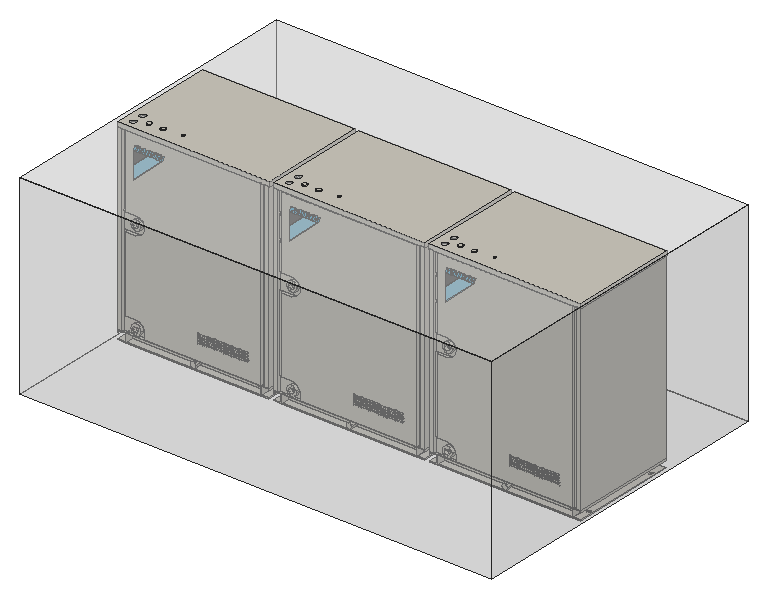
Revit family "outputfile", category 機械設備, Revit 2024
Family settings
  丸型コネクタ寸法 = 半径を使用
  種別 = なし
  パーツ タイプ = 標準
  OmniClass 番号 = 23.75.10.24.21.27.27
  OmniClass タイトル = Split System Air Conditioning Units
  作業面ベース = いいえ
  常に垂直 = はい
  ロード時にボイドで切り取り = いいえ
  注釈の向きを維持 = いいえ
  共有 = いいえ
  部屋計算ポイント = いいえ
Parameters (values of type "RWEYQ34TY14")
  製造元 = "Daikin"
  書き出し IFC クラス(タイプ) = "IfcUnitaryEquipmentType"
  定義済み IFC タイプ(タイプ) = "AIRCONDITIONINGUNIT"
  モデル = "RWEYQ34TY14"
  w_unit3 = 780.0 mm
  w_unit2 = 780.0 mm
  w_unit1 = 780.0 mm
  switch_unit3_6-8 [instance] = if(Reverse_ModuleSequence, if(default_unit1 = 1, 1 = 1, 1 = 0), if(default_unit3 = 1, 1 = 1, 1 = 0))  # no
  switch_unit3_12 [instance] = if(Reverse_ModuleSequence, if(default_unit1 = 3, 1 = 1, 1 = 0), if(default_unit3 = 3, 1 = 1, 1 = 0))  # no
  switch_unit3_10 [instance] = if(Reverse_ModuleSequence, if(default_unit1 = 2, 1 = 1, 1 = 0), if(default_unit3 = 2, 1 = 1, 1 = 0))  # yes
  switch_unit2_6-8 [instance] = if(default_unit2 = 1, 1 = 1, 1 = 0)  # no
  switch_unit2_12 [instance] = if(default_unit2 = 3, 1 = 1, 1 = 0)  # yes
  switch_unit2_10 [instance] = if(default_unit2 = 2, 1 = 1, 1 = 0)  # no
  switch_unit1_6-8 [instance] = if(Reverse_ModuleSequence, if(default_unit3 = 1, 1 = 1, 1 = 0), if(default_unit1 = 1, 1 = 1, 1 = 0))  # no
  switch_unit1_12 [instance] = if(Reverse_ModuleSequence, if(default_unit3 = 3, 1 = 1, 1 = 0), if(default_unit1 = 3, 1 = 1, 1 = 0))  # yes
  switch_unit1_10 [instance] = if(Reverse_ModuleSequence, if(default_unit3 = 2, 1 = 1, 1 = 0), if(default_unit1 = 2, 1 = 1, 1 = 0))  # no
  r_Water Outlet Pipe Connection_unit3 [instance] = Water Outlet Pipe Connection_Unit3 / 2  # 15.9 mm
  r_Water Outlet Pipe Connection_unit2 [instance] = Water Outlet Pipe Connection_Unit2 / 2  # 15.9 mm
  r_Water Outlet Pipe Connection_unit1 [instance] = Water Outlet Pipe Connection_Unit1 / 2  # 15.9 mm
  r_Water Inlet Pipe Connection_unit3 [instance] = Water Inlet Pipe Connection_Unit3 / 2  # 15.9 mm
  r_Water Inlet Pipe Connection_unit2 [instance] = Water Inlet Pipe Connection_Unit2 / 2  # 15.9 mm
  r_Water Inlet Pipe Connection_unit1 [instance] = Water Inlet Pipe Connection_Unit1 / 2  # 15.9 mm
  r_Drain Pipe Size = Drain Pipe Size / 2  # 6.35 mm
  lw_Water Outlet3 = 95.0 mm
  lw_Water Outlet2 = 95.0 mm
  lw_Water Outlet1 = 95.0 mm
  lw_Water Inlet3 = 95.0 mm
  lw_Water Inlet2 = 95.0 mm
  lw_Water Inlet1 = 95.0 mm
  lw_Drain3 = 390.0 mm
  lw_Drain2 = 390.0 mm
  lw_Drain1 = 390.0 mm
  default_Water Outlet Pipe Connection_Unit 3 = 31.8 mm
  default_Water Outlet Pipe Connection_Unit 2 = 31.8 mm
  default_Water Outlet Pipe Connection_Unit 1 = 31.8 mm
  default_Water Inlet Pipe Connection_Unit 3 = 31.8 mm
  default_Water Inlet Pipe Connection_Unit 2 = 31.8 mm
  default_Water Inlet Pipe Connection_Unit 1 = 31.8 mm
  angle_Drain [instance] = if(Rear Connection_Drain, 180.00°, 0.00°)  # 0.00°
  r_Liquid Pipe Size_unit3 [instance] = Liquid Pipe Size_Unit 3 / 2  # 4.75 mm
  r_Liquid Pipe Size_unit2 [instance] = Liquid Pipe Size_Unit 2 / 2  # 6.35 mm
  r_HP/LP Gas Pipe Size_unit3 [instance] = [HP/LP Gas Pipe Size_Unit 3] / 2  # 11.1 mm
  r_HP/LP Gas Pipe Size_unit2 [instance] = [HP/LP Gas Pipe Size_Unit 2] / 2  # 11.1 mm
  r_HP/LP Gas Pipe Size_unit1 [instance] = [HP/LP Gas Pipe Size_Unit 1] / 2  # 11.1 mm
  r_Gas Pipe Size_unit3 [instance] = Gas Pipe Size_Unit 3 / 2  # 11.1 mm
  r_Gas Pipe Size_unit2 [instance] = Gas Pipe Size_Unit 2 / 2  # 11.1 mm
  lw_powersupply3 = 51.0 mm
  lw_powersupply2 = 51.0 mm
  lw_liquidpipe3 = 274.0 mm
  lw_liquidpipe2 = 274.0 mm
  lw_gaspipe3 [instance] = if(Heat Pump, 107.0 mm, 178.0 mm)  # 107.0 mm
  lw_gaspipe2 [instance] = if(Heat Pump, 107.0 mm, 178.0 mm)  # 107.0 mm
  lw_HP/LP Gas Pipe3 [instance] = if(Heat Pump, 178.0 mm, 107.0 mm)  # 178.0 mm
  lw_HP/LP Gas Pipe2 [instance] = if(Heat Pump, 178.0 mm, 107.0 mm)  # 178.0 mm
  lw_HP/LP Gas Pipe1 [instance] = if(Heat Pump, 178.0 mm, 107.0 mm)  # 178.0 mm
  ld_HP/LP Gas Pipe = 69.0 mm
  h_mountinghole = [h_***] + 2.3 mm  # 2.3 mm
  r_Liquid Pipe Size_unit1 [instance] = Liquid Pipe Size_Unit 1 / 2  # 6.35 mm
  r_Gas Pipe Size_unit1 [instance] = Gas Pipe Size_Unit 1 / 2  # 11.1 mm
  distance_unit2-3 [instance] = 20.0 mm
  distance_unit1-2 [instance] = 20.0 mm
  default_unit3 = 2
  default_unit2 = 3
  default_unit1 = 3
  default_Model_Unit 3 = "RWEYQ10TY14"
  default_Model_Unit 2 = "RWEYQ12TY14"
  default_Model_Unit 1 = "RWEYQ12TY14"
  default_Liquid Pipe Size_Unit 3 = 9.5 mm
  default_Liquid Pipe Size_Unit 2 = 12.7 mm
  default_Liquid Pipe Size_Unit 1 = 12.7 mm
  default_HP/LP Gas Pipe Size_Unit 3 [instance] = if(and(Heat Pump, [switch_unit3_6-8]), 19.1 mm, if(and(Heat Pump, switch_unit3_10), 22.2 mm, if(and(Heat Pump, switch_unit3_12), 22.2 mm, if(and(Heat Recovery, [switch_unit3_6-8]), 15.9 mm, if(and(Heat Recovery, switch_unit3_10), 19.1 mm, if(and(Heat Recovery, switch_unit3_12), 19.1 mm, 19.1 mm))))))  # 22.2 mm
  default_HP/LP Gas Pipe Size_Unit 2 [instance] = if(and(Heat Pump, [switch_unit2_6-8]), 19.1 mm, if(and(Heat Pump, switch_unit2_10), 22.2 mm, if(and(Heat Pump, switch_unit2_12), 22.2 mm, if(and(Heat Recovery, [switch_unit2_6-8]), 15.9 mm, if(and(Heat Recovery, switch_unit2_10), 19.1 mm, if(and(Heat Recovery, switch_unit2_12), 19.1 mm, 19.1 mm))))))  # 22.2 mm
  default_HP/LP Gas Pipe Size_Unit 1 [instance] = if(and(Heat Pump, [switch_unit1_6-8]), 19.1 mm, if(and(Heat Pump, switch_unit1_10), 22.2 mm, if(and(Heat Pump, switch_unit1_12), 22.2 mm, if(and(Heat Recovery, [switch_unit1_6-8]), 15.9 mm, if(and(Heat Recovery, switch_unit1_10), 19.1 mm, if(and(Heat Recovery, switch_unit1_12), 19.1 mm, 19.1 mm))))))  # 22.2 mm
  default_Gas Pipe Size_Unit 3 = 22.2 mm
  default_Gas Pipe Size_Unit 2 = 22.2 mm
  default_Gas Pipe Size_Unit 1 = 22.2 mm
  Water Outlet Pipe Connection_Unit3 [instance] = if(Reverse_ModuleSequence, default_Water Outlet Pipe Connection_Unit 1, default_Water Outlet Pipe Connection_Unit 3)  # 31.8 mm
  Water Outlet Pipe Connection_Unit2 [instance] = if(Reverse_ModuleSequence, default_Water Inlet Pipe Connection_Unit 2, default_Water Inlet Pipe Connection_Unit 2)  # 31.8 mm
  Water Outlet Pipe Connection_Unit1 [instance] = if(Reverse_ModuleSequence, default_Water Outlet Pipe Connection_Unit 3, default_Water Outlet Pipe Connection_Unit 1)  # 31.8 mm
  Water Inlet Pipe Connection_Unit3 [instance] = if(Reverse_ModuleSequence, default_Water Inlet Pipe Connection_Unit 1, default_Water Inlet Pipe Connection_Unit 3)  # 31.8 mm
  Water Inlet Pipe Connection_Unit2 [instance] = if(Reverse_ModuleSequence, default_Water Outlet Pipe Connection_Unit 2, default_Water Outlet Pipe Connection_Unit 2)  # 31.8 mm
  Water Inlet Pipe Connection_Unit1 [instance] = if(Reverse_ModuleSequence, default_Water Inlet Pipe Connection_Unit 3, default_Water Inlet Pipe Connection_Unit 1)  # 31.8 mm
  Voltage_comment_50Hz = "380-415"
  Voltage_50Hz = 400 V
  Top Connection_powersupply2 [instance] = not(Top Connection_powersupply1)  # no
  Sound Power Level (dB) = 77
  Reverse_ModuleSequence [instance] = no
  Rear Connection_Drain [instance] = not(Front Connection_Drain)  # no
  Power Input (Heating) = 21.300 kW
  Phase_50Hz = 3
  Nominal Heating Capacity = 107.000 kW
  Model_Unit 3 [instance] = if(Reverse_ModuleSequence, default_Model_Unit 1, default_Model_Unit 3)  # "RWEYQ10TY14"
  Model_Unit 2 [instance] = if(Reverse_ModuleSequence, default_Model_Unit 2, default_Model_Unit 2)  # "RWEYQ12TY14"
  Model_Unit 1 [instance] = if(Reverse_ModuleSequence, default_Model_Unit 3, default_Model_Unit 1)  # "RWEYQ12TY14"
  Minimum Circuit Amps_50Hz = 40.9 A
  Maximum Fuse Amps_50Hz = 45.0 A
  Material_Heat Exchanger = DAIKIN_Blue_HE_outdoorunit
  Material_Casing = DAIKIN_IvoryWhite_Casing_outdoorunit
  lw_powersupply1 = 51.0 mm
  lw_liquidpipe1 = 274.0 mm
  lw_gaspipe1 [instance] = if(Heat Pump, 107.0 mm, 178.0 mm)  # 107.0 mm
  lh_powersupply = 940.0 mm
  ld_powersupply [instance] = if(Top Connection_powersupply1, 38.0 mm, 98.0 mm)  # 38.0 mm
  ld_liquidpipe = 79.0 mm
  ld_gaspipe = 69.0 mm
  h_*** = 0.0 mm
  Width [instance] = [distance_unit1-2] + [distance_unit2-3] + w_unit1 + w_unit2 + w_unit3  # 2380.0 mm
  Version = "ver.1.0"
  Unit Type = ""
  Unit Mass Weight = 441.00 kg
  Unit Designation [instance] = ""
  Uniclass2015Version = "Products v1.30"
  Uniclass2015Title = "Variable refrigerant flow units"
  Uniclass2015Code = "Pr_70_65_03_94"
  Total Cooling Capacity [instance] = 0.000 kW
  Sound Pressure Level (dBA) = 57
  Series = "VRV Heat Recovery"
  Refrigerant_Base Charge = 12.600 kg
  Refrigerant_Additional Charge [instance] = 0.000 kg
  Refrigerant Type = "R410A"
  Power Input (Cooling) = 20.100 kW
  Option Accessory 3 [instance] = ""
  Option Accessory 2 [instance] = ""
  Option Accessory 1 [instance] = ""
  Nominal Cooling Capacity = 95.000 kW
  Load Classification = HVAC
  Liquid Pipe Size_Unit 3 [instance] = if(Reverse_ModuleSequence, default_Liquid Pipe Size_Unit 1, default_Liquid Pipe Size_Unit 3)  # 9.5 mm
  Liquid Pipe Size_Unit 2 [instance] = if(Reverse_ModuleSequence, default_Liquid Pipe Size_Unit 2, default_Liquid Pipe Size_Unit 2)  # 12.7 mm
  Liquid Pipe Size_Unit 1 [instance] = if(Reverse_ModuleSequence, default_Liquid Pipe Size_Unit 3, default_Liquid Pipe Size_Unit 1)  # 12.7 mm
  Link_Nested Family [instance] = ""
  Intermediate Liquid Pipe Size_Unit1-2 = 19.1 mm
  Intermediate HP/LP Gas Pipe Size_Unit1-2 = 22.2 mm
  Intermediate Gas Pipe Size_Unit1-2 = 28.6 mm
  IfcVersion = ""
  IfcExportType = "AIRCONDITIONINGUNIT"
  IfcExportAs = "IfcUnitaryEquipmentType"
  Height = 1000.0 mm
  Heat Recovery [instance] = not(Heat Pump)  # no
  Heat Pump [instance] = yes
  Heat Exchanger Type = "Stainless Steel Plate"
  HP/LP Gas Pipe Size_Unit 3 [instance] = [default_HP/LP Gas Pipe Size_Unit 3]  # 22.2 mm
  HP/LP Gas Pipe Size_Unit 2 [instance] = [default_HP/LP Gas Pipe Size_Unit 2]  # 22.2 mm
  HP/LP Gas Pipe Size_Unit 1 [instance] = [default_HP/LP Gas Pipe Size_Unit 1]  # 22.2 mm
  Gas Pipe Size_Unit 3 [instance] = if(Reverse_ModuleSequence, default_Gas Pipe Size_Unit 1, default_Gas Pipe Size_Unit 3)  # 22.2 mm
  Gas Pipe Size_Unit 2 [instance] = if(Reverse_ModuleSequence, default_Gas Pipe Size_Unit 2, default_Gas Pipe Size_Unit 2)  # 22.2 mm
  Gas Pipe Size_Unit 1 [instance] = if(Reverse_ModuleSequence, default_Gas Pipe Size_Unit 3, default_Gas Pipe Size_Unit 1)  # 22.2 mm
  Top Connection_powersupply1 [instance] = yes
  Front Connection_Drain [instance] = yes
  Frequency_50Hz = 50 Hz
  Drain Pipe Size = 12.7 mm
  Depth = 550.0 mm
  既定の高さ = 0.0 mm
  Cooling Ambient Wet Bulb Temperature [instance] = 0.00 °C
  Cooling Ambient Dry Bulb Temperature [instance] = 0.00 °C
  Compressor Type = "Hermetically Sealed Scroll Type"
  Clearance visibility [instance] = yes
  Clearance Top = 0.0 mm
  Clearance Right = 20.0 mm
  Clearance Rear = 500.0 mm
  Clearance Left = 20.0 mm
  Clearance Front = 600.0 mm
  Clearance Bottom = 0.0 mm
  CU Tag No. [instance] = ""
Reference planes
  plane 1 "Center (Front/Back)": y = 0
  plane 2 "h_***": z = 0
  plane 3 "Center (Left/Right)": x = 0
  plane 4 "Back": y = 275
  plane 5 "Front": y = -275
  plane 6 "Left": x = -390
  plane 7 "w_unit1": x = 390
  plane 8 "Top": z = 1000
  plane 9 "Clearance Rear": y = 775
  plane 10 "Clearance Front": y = -875
  plane 11 "Clearance Left": x = -410
  plane 12 "Clearance Right": x = 2010
  plane 13 "Clearance Top": z = 1000
  plane 14 "Clearance Bottom": z = 0
  plane 15 "Bottom": z = 0
  plane 16 "lw_powersupply1": x = -339
  plane 17 "ld_powersupply": y = -237
  plane 18 "lw_liquidpipe1": x = -116
  plane 19 "Rear Connection_refrigetant": y = -196
  plane 20 "lw_gaspipe1": x = -283
  plane 21 "ld_gaspipe": y = -206
  plane 22 "lh_logo": z = 900
  plane 23 "lw_logo": x = 100
  plane 24 "lh_powersupply": z = 940
  plane 25 "lw_HP/LP Gas Pipe1": x = -212
  plane 26 "ld_HP/LP Gas Pipe": y = -206
  plane 27 "l_unit2": x = 410
  plane 28 "w_unit2": x = 1190
  plane 29 "lw_powersupply2": x = 461
  plane 30 "lw_liquidpipe2": x = 684
  plane 31 "lw_gaspipe2": x = 517
  plane 32 "lw_HP/LP Gas Pipe2": x = 588
  plane 33 "Right": x = 1990
  plane 34 "叴": x = 1210
  plane 35 "叵": x = 1261
  plane 36 "叶": x = 1484
  plane 37 "号": x = 1317
  plane 38 "司": x = 1388
  plane 39 "lw_Water Inlet2": x = 505
  plane 40 "lw_Water Inlet3": x = 1305
  plane 41 "lw_Water Outlet1": x = -295
  plane 42 "lw_Water Outlet2": x = 505
  plane 43 "lw_Water Outlet3": x = 1305
  plane 44 "lw_Drain1": x = 0
  plane 45 "lw_Drain2": x = 800
  plane 46 "lw_Drain3": x = 1600
  plane 47 "lw_Water Inlet1": x = -295
Dimensions and locks
  equal spacing: plane 4 "Back", plane 1 "Center (Front/Back)", plane 5 "Front"
  "Depth": plane 4 "Back" to plane 5 "Front"
  equal spacing: plane 6 "Left", plane 3 "Center (Left/Right)", plane 7 "w_unit1"
  "w_unit1": plane 6 "Left" to plane 7 "w_unit1"
  "Clearance Rear": plane 9 "Clearance Rear" to plane 4 "Back"
  "Clearance Front": plane 10 "Clearance Front" to plane 5 "Front"
  "Clearance Left": plane 11 "Clearance Left" to plane 6 "Left"
  "Clearance Top": plane 13 "Clearance Top" to plane 8 "Top"
  "h_***": plane 15 "Bottom" to plane 2 "h_***"
  "Height": plane 8 "Top" to plane 15 "Bottom"
  "Clearance Bottom": plane 15 "Bottom" to plane 14 "Clearance Bottom"
  "ld_powersupply": plane 17 "ld_powersupply" to plane 5 "Front"
  "ld_liquidpipe": plane 19 "Rear Connection_refrigetant" to plane 5 "Front"
  "ld_gaspipe": plane 21 "ld_gaspipe" to plane 5 "Front"
  locked: plane 23 "lw_logo" to plane 7 "w_unit1" at 290
  locked: plane 22 "lh_logo" to plane 15 "Bottom" at 900
  "lw_gaspipe1": plane 6 "Left" to plane 20 "lw_gaspipe1"
  "lw_liquidpipe1": plane 6 "Left" to plane 18 "lw_liquidpipe1"
  "lw_powersupply1": plane 6 "Left" to plane 16 "lw_powersupply1"
  "lh_powersupply": plane 24 "lh_powersupply" to plane 15 "Bottom"
  "lw_HP/LP Gas Pipe1": plane 6 "Left" to plane 25 "lw_HP/LP Gas Pipe1"
  "ld_HP/LP Gas Pipe": plane 26 "ld_HP/LP Gas Pipe" to plane 5 "Front"
  "distance_unit1-2": plane 7 "w_unit1" to plane 27 "l_unit2"
  "lw_powersupply2": plane 27 "l_unit2" to plane 29 "lw_powersupply2"
  "lw_HP/LP Gas Pipe2": plane 27 "l_unit2" to plane 32 "lw_HP/LP Gas Pipe2"
  "lw_gaspipe2": plane 27 "l_unit2" to plane 31 "lw_gaspipe2"
  "lw_liquidpipe2": plane 27 "l_unit2" to plane 30 "lw_liquidpipe2"
  "w_unit2": plane 27 "l_unit2" to plane 28 "w_unit2"
  "distance_unit2-3": plane 28 "w_unit2" to plane 34 "叴"
  "Width": plane 6 "Left" to plane 33 "Right"
  "Clearance Right": plane 33 "Right" to plane 12 "Clearance Right"
  "lw_powersupply3": plane 34 "叴" to plane 35 "叵"
  "lw_HP/LP Gas Pipe3": plane 34 "叴" to plane 38 "司"
  "lw_gaspipe3": plane 34 "叴" to plane 37 "号"
  "lw_liquidpipe3": plane 34 "叴" to plane 36 "叶"
  "lw_Water Inlet1": plane 6 "Left" to plane 47 "lw_Water Inlet1"
  "lw_Water Inlet2": plane 27 "l_unit2" to plane 39 "lw_Water Inlet2"
  "lw_Water Inlet3": plane 34 "叴" to plane 40 "lw_Water Inlet3"
  "lw_Water Outlet1": plane 6 "Left" to plane 41 "lw_Water Outlet1"
  "lw_Water Outlet2": plane 27 "l_unit2" to plane 42 "lw_Water Outlet2"
  "lw_Water Outlet3": plane 34 "叴" to plane 43 "lw_Water Outlet3"
  "lw_Drain1": plane 6 "Left" to plane 44 "lw_Drain1"
  "lw_Drain2": plane 27 "l_unit2" to plane 45 "lw_Drain2"
  "lw_Drain3": plane 34 "叴" to plane 46 "lw_Drain3"
  aligned and locked: level to plane 2 "h_***"
  aligned and locked: nested 2 to plane 9 "Clearance Rear"
  aligned and locked: nested 2 to plane 10 "Clearance Front"
  aligned and locked: plane 11 "Clearance Left" to nested 2
  aligned and locked: plane 12 "Clearance Right" to nested 2
  aligned and locked: nested 2 to plane 13 "Clearance Top"
  aligned and locked: nested 2 to plane 14 "Clearance Bottom"
  aligned and locked: plane 8 "Top" to nested 1
  aligned and locked: plane 22 "lh_logo" to nested 7
  aligned and locked: nested 8 to plane 16 "lw_powersupply1"
  aligned and locked: nested 9 to plane 20 "lw_gaspipe1"
  aligned and locked: nested 10 to plane 18 "lw_liquidpipe1"
  aligned and locked: nested 10 to plane 19 "Rear Connection_refrigetant"
  aligned and locked: nested 9 to plane 21 "ld_gaspipe"
  aligned and locked: nested 8 to plane 17 "ld_powersupply"
  aligned and locked: plane 5 "Front" to nested 7
  aligned and locked: plane 24 "lh_powersupply" to nested 8
  aligned and locked: plane 27 "l_unit2" to nested 11
  aligned and locked: nested 17 to plane 29 "lw_powersupply2"
  aligned and locked: nested 17 to plane 17 "ld_powersupply"
  aligned and locked: nested 18 to plane 31 "lw_gaspipe2"
  aligned and locked: nested 18 to plane 26 "ld_HP/LP Gas Pipe"
  aligned and locked: plane 1 "Center (Front/Back)" to nested 20
  aligned and locked: plane 34 "叴" to nested 20
  aligned and locked: nested 27 to plane 35 "叵"
  aligned and locked: nested 28 to plane 37 "号"
  aligned and locked: nested 26 to plane 36 "叶"
  aligned and locked: plane 17 "ld_powersupply" to nested 27
  aligned and locked: plane 21 "ld_gaspipe" to nested 28
  aligned and locked: plane 19 "Rear Connection_refrigetant" to nested 26
  aligned and locked: nested 27 to plane 24 "lh_powersupply"
  aligned and locked: plane 1 "Center (Front/Back)" to nested 29
  aligned and locked: plane 1 "Center (Front/Back)" to nested 30
  aligned and locked: plane 1 "Center (Front/Back)" to nested 31
  aligned and locked: plane 1 "Center (Front/Back)" to nested 32
  aligned and locked: plane 1 "Center (Front/Back)" to nested 33
  aligned and locked: plane 1 "Center (Front/Back)" to nested 34
  aligned and locked: plane 1 "Center (Front/Back)" to nested 35
  aligned and locked: plane 1 "Center (Front/Back)" to nested 36
  aligned and locked: plane 1 "Center (Front/Back)" to nested 37
  aligned and locked: plane 47 "lw_Water Inlet1" to nested 29
  aligned and locked: plane 39 "lw_Water Inlet2" to nested 30
  aligned and locked: plane 40 "lw_Water Inlet3" to nested 31
  aligned and locked: plane 41 "lw_Water Outlet1" to nested 32
  aligned and locked: plane 42 "lw_Water Outlet2" to nested 33
  aligned and locked: plane 43 "lw_Water Outlet3" to nested 34
  aligned and locked: plane 44 "lw_Drain1" to nested 35
  aligned and locked: plane 45 "lw_Drain2" to nested 36
  aligned and locked: plane 46 "lw_Drain3" to nested 37
  aligned and locked: plane 25 "lw_HP/LP Gas Pipe1" to nested 38
  aligned and locked: plane 32 "lw_HP/LP Gas Pipe2" to nested 39
  aligned and locked: plane 38 "司" to nested 40
  aligned and locked: nested 38 to plane 26 "ld_HP/LP Gas Pipe"
  aligned and locked: nested 39 to plane 26 "ld_HP/LP Gas Pipe"
  aligned and locked: plane 26 "ld_HP/LP Gas Pipe" to nested 40
Nested families
  nested 1: "DAIKIN_outdoorunit_RWEYQ-TY14" at (-31, 0, 0), h_*** <- "h_***", Link_Nest <- "Link_Nested Family", h_mountinghole <- "h_mountinghole", Width <- "w_unit1", switch_unit1_6-8 <- "switch_unit1_6-8", switch_unit1_10 <- "switch_unit1_10", switch_unit1_12 <- "switch_unit1_12", type "RWEYQ-TY14"
    with switch_unit1_6-8 no, switch_unit1_12 yes, switch_unit1_10 no, show_fixedhole yes, h_mountinghole 2.3 mm, h_antenna_mountinghole 998.7 mm, h_*** 0.0 mm, array_bolt 5, Width 780.0 mm, Liquid Pipe Size_Unit 1 12.7 mm, Link_Nest "", HP/LP Pipe Size_Unit 1 22.2 mm, Gas Pipe Size_Unit 1 22.2 mm
  nested 2: "daikin_clearancespace" at (800, -50, 500.119), visible <- "Clearance visibility", show <- "Clearance visibility", Link_Nested Family <- "Link_Nested Family", type "daikin_clearancespace"
    with width 2420.0 mm, show yes, height 1000.0 mm, depth 1650.0 mm, Link_Nested Family ""
  nested 3: "daikin_mountinghole" at (-372, 200, 0), type "daikin_mountinghole"
    with show yes, l_antenna 998.7 mm, h_mountinghole 2.3 mm, Link_Nested Family ""
  nested 4: "daikin_mountinghole" at (372, 200, 0), type "daikin_mountinghole"
    with show yes, l_antenna 998.7 mm, h_mountinghole 2.3 mm, Link_Nested Family ""
  nested 5: "daikin_mountinghole" at (-372, -200, 0), type "daikin_mountinghole"
    with show yes, l_antenna 998.7 mm, h_mountinghole 2.3 mm, Link_Nested Family ""
  nested 6: "daikin_mountinghole" at (372, -200, 0), type "daikin_mountinghole"
    with show yes, l_antenna 998.7 mm, h_mountinghole 2.3 mm, Link_Nested Family ""
  nested 7: "daikin_logo_elevation_w150" at (-212.5, -275, 744.568), type "daikin_logo_elevation_w150"
    with show_logo yes
  nested 8: "daikin_connector_rotate3" at (-339, -237, 940) x (-1, 0, 0) z (0, 0, -1), type "daikin_connector_rotate3"
    with show no, radius 10.0 mm, length 60.0 mm, angle_vertical 0.00°, angle_horizontal 0.00°
  nested 9: "daikin_connector_rotate3" at (-283, -206, 940) x (-1, 0, 0) z (0, 0, -1), radius <- "r_Gas Pipe Size_unit1", type "daikin_connector_rotate3"
    with show no, radius 11.1 mm, length 60.0 mm, angle_vertical 0.00°, angle_horizontal 0.00°
  nested 10: "daikin_connector_rotate3" at (-116, -196, 940) x (-1, 0, 0) z (0, 0, -1), radius <- "r_Liquid Pipe Size_unit1", type "daikin_connector_rotate3"
    with show no, radius 6.35 mm, length 60.0 mm, angle_vertical 0.00°, angle_horizontal 0.00°
  nested 11: "DAIKIN_outdoorunit_RWEYQ-TY14" at (769, 0, 0), Width <- "w_unit2", switch_unit1_6-8 <- "switch_unit2_6-8", switch_unit1_10 <- "switch_unit2_10", switch_unit1_12 <- "switch_unit2_12", type "RWEYQ-TY14"
    with switch_unit1_6-8 no, switch_unit1_12 yes, switch_unit1_10 no, show_fixedhole yes, h_mountinghole 2.3 mm, h_antenna_mountinghole 998.7 mm, h_*** 0.0 mm, array_bolt 5, Width 780.0 mm, Liquid Pipe Size_Unit 1 12.7 mm, Link_Nest "", HP/LP Pipe Size_Unit 1 22.2 mm, Gas Pipe Size_Unit 1 22.2 mm
  nested 12: "daikin_mountinghole" at (428, 200, 0), type "daikin_mountinghole"
    with show yes, l_antenna 998.7 mm, h_mountinghole 2.3 mm, Link_Nested Family ""
  nested 13: "daikin_mountinghole" at (1172, 200, 0), type "daikin_mountinghole"
    with show yes, l_antenna 998.7 mm, h_mountinghole 2.3 mm, Link_Nested Family ""
  nested 14: "daikin_mountinghole" at (428, -200, 0), type "daikin_mountinghole"
    with show yes, l_antenna 998.7 mm, h_mountinghole 2.3 mm, Link_Nested Family ""
  nested 15: "daikin_mountinghole" at (1172, -200, 0), type "daikin_mountinghole"
    with show yes, l_antenna 998.7 mm, h_mountinghole 2.3 mm, Link_Nested Family ""
  nested 16: "daikin_connector_rotate3" at (684, -196, 940) x (-1, 0, 0) z (0, 0, -1), radius <- "r_Liquid Pipe Size_unit2", type "daikin_connector_rotate3"
    with show no, radius 6.35 mm, length 60.0 mm, angle_vertical 0.00°, angle_horizontal 0.00°
  nested 17: "daikin_connector_rotate3" at (461, -237, 940) x (-1, 0, 0) z (0, 0, -1), type "daikin_connector_rotate3"
    with show no, radius 10.0 mm, length 60.0 mm, angle_vertical 0.00°, angle_horizontal 0.00°
  nested 18: "daikin_connector_rotate3" at (517, -206, 940) x (-1, 0, 0) z (0, 0, -1), radius <- "r_Gas Pipe Size_unit2", type "daikin_connector_rotate3"
    with show no, radius 11.1 mm, length 60.0 mm, angle_vertical 0.00°, angle_horizontal 0.00°
  nested 19: "daikin_logo_elevation_w150" at (587.5, -275, 744.568), type "daikin_logo_elevation_w150"
    with show_logo yes
  nested 20: "DAIKIN_outdoorunit_RWEYQ-TY14" at (1569, 0, 0), switch_unit1_6-8 <- "switch_unit3_6-8", switch_unit1_10 <- "switch_unit3_10", switch_unit1_12 <- "switch_unit3_12", Width <- "w_unit3", type "RWEYQ-TY14"
    with switch_unit1_6-8 no, switch_unit1_12 no, switch_unit1_10 yes, show_fixedhole yes, h_mountinghole 2.3 mm, h_antenna_mountinghole 998.7 mm, h_*** 0.0 mm, array_bolt 5, Width 780.0 mm, Liquid Pipe Size_Unit 1 9.5 mm, Link_Nest "", HP/LP Pipe Size_Unit 1 22.2 mm, Gas Pipe Size_Unit 1 22.2 mm
  nested 21: "daikin_mountinghole" at (1228, 200, 0), type "daikin_mountinghole"
    with show yes, l_antenna 998.7 mm, h_mountinghole 2.3 mm, Link_Nested Family ""
  nested 22: "daikin_mountinghole" at (1972, 200, 0), type "daikin_mountinghole"
    with show yes, l_antenna 998.7 mm, h_mountinghole 2.3 mm, Link_Nested Family ""
  nested 23: "daikin_mountinghole" at (1228, -200, 0), type "daikin_mountinghole"
    with show yes, l_antenna 998.7 mm, h_mountinghole 2.3 mm, Link_Nested Family ""
  nested 24: "daikin_mountinghole" at (1972, -200, 0), type "daikin_mountinghole"
    with show yes, l_antenna 998.7 mm, h_mountinghole 2.3 mm, Link_Nested Family ""
  nested 25: "daikin_logo_elevation_w150" at (1387.5, -275, 744.568), type "daikin_logo_elevation_w150"
    with show_logo yes
  nested 26: "daikin_connector_rotate3" at (1484, -196, 940) x (-1, 0, 0) z (0, 0, -1), radius <- "r_Liquid Pipe Size_unit3", type "daikin_connector_rotate3"
    with show no, radius 4.75 mm, length 60.0 mm, angle_vertical 0.00°, angle_horizontal 0.00°
  nested 27: "daikin_connector_rotate3" at (1261, -237, 940) x (-1, 0, 0) z (0, 0, -1), type "daikin_connector_rotate3"
    with show no, radius 10.0 mm, length 60.0 mm, angle_vertical 0.00°, angle_horizontal 0.00°
  nested 28: "daikin_connector_rotate3" at (1317, -206, 940) x (-1, 0, 0) z (0, 0, -1), radius <- "r_Gas Pipe Size_unit3", type "daikin_connector_rotate3"
    with show no, radius 11.1 mm, length 60.0 mm, angle_vertical 0.00°, angle_horizontal 0.00°
  nested 29: "daikin_connector_rotate3" at (-295, 0, 76), radius <- "r_Water Inlet Pipe Connection_unit1", type "daikin_connector_rotate3"
    with show no, radius 15.9 mm, length 275.0 mm, angle_vertical 90.00°, angle_horizontal 0.00°
  nested 30: "daikin_connector_rotate3" at (505, 0, 76), radius <- "r_Water Inlet Pipe Connection_unit2", type "daikin_connector_rotate3"
    with show no, radius 15.9 mm, length 275.0 mm, angle_vertical 90.00°, angle_horizontal 0.00°
  nested 31: "daikin_connector_rotate3" at (1305, 0, 76), radius <- "r_Water Inlet Pipe Connection_unit3", type "daikin_connector_rotate3"
    with show no, radius 15.9 mm, length 275.0 mm, angle_vertical 90.00°, angle_horizontal 0.00°
  nested 32: "daikin_connector_rotate3" at (-295, 0, 556), radius <- "r_Water Outlet Pipe Connection_unit1", type "daikin_connector_rotate3"
    with show no, radius 15.9 mm, length 275.0 mm, angle_vertical 90.00°, angle_horizontal 0.00°
  nested 33: "daikin_connector_rotate3" at (505, 0, 556), radius <- "r_Water Outlet Pipe Connection_unit2", type "daikin_connector_rotate3"
    with show no, radius 15.9 mm, length 275.0 mm, angle_vertical 90.00°, angle_horizontal 0.00°
  nested 34: "daikin_connector_rotate3" at (1305, 0, 556), radius <- "r_Water Outlet Pipe Connection_unit3", type "daikin_connector_rotate3"
    with show no, radius 15.9 mm, length 275.0 mm, angle_vertical 90.00°, angle_horizontal 0.00°
  nested 35: "daikin_connector_rotate3" at (0, 0, 19), radius <- "r_Drain Pipe Size", angle_horizontal <- "angle_Drain", type "daikin_connector_rotate3"
    with show no, radius 6.35 mm, length 275.0 mm, angle_vertical 90.00°, angle_horizontal 0.00°
  nested 36: "daikin_connector_rotate3" at (800, 0, 19), angle_horizontal <- "angle_Drain", radius <- "r_Drain Pipe Size", type "daikin_connector_rotate3"
    with show no, radius 6.35 mm, length 275.0 mm, angle_vertical 90.00°, angle_horizontal 0.00°
  nested 37: "daikin_connector_rotate3" at (1600, 0, 19), angle_horizontal <- "angle_Drain", radius <- "r_Drain Pipe Size", type "daikin_connector_rotate3"
    with show no, radius 6.35 mm, length 275.0 mm, angle_vertical 90.00°, angle_horizontal 0.00°
  nested 38: "daikin_connector_rotate3" at (-212, -206, 940) x (1, 0, 0) z (0, 0, -1), radius <- "r_HP/LP Gas Pipe Size_unit1", type "daikin_connector_rotate3"
    with show no, radius 11.1 mm, length 60.0 mm, angle_vertical 0.00°, angle_horizontal 0.00°
  nested 39: "daikin_connector_rotate3" at (588, -206, 940) x (1, 0, 0) z (0, 0, -1), radius <- "r_HP/LP Gas Pipe Size_unit2", type "daikin_connector_rotate3"
    with show no, radius 11.1 mm, length 60.0 mm, angle_vertical 0.00°, angle_horizontal 0.00°
  nested 40: "daikin_connector_rotate3" at (1388, -206, 940) x (1, 0, 0) z (0, 0, -1), radius <- "r_HP/LP Gas Pipe Size_unit3", type "daikin_connector_rotate3"
    with show no, radius 11.1 mm, length 60.0 mm, angle_vertical 0.00°, angle_horizontal 0.00°
Connectors
  piping at (-116, -196, 1000), diameter 12.7, driven by "r_Liquid Pipe Size_unit1"
    settings: on nested 10, index 12, connector inside diameter 609.6 mm, connector length 0.0 mm, flow factor 0, pipe flow 0.00 m³/h, pressure drop 0.0 Pa, fitting loss kfactor 0, connector angle 0.00°, fixture units 0, engagement length 0.0 mm, angle of deflection 0.00°, flow configuration 0, flow direction 2, fitting loss method 0, system type 29, joint type 0, gender type 0, connector reference index -1, connector utility 0, adjustable connector no, is connector primary no, connector description "Refrigerant Liquid Piping1"
  electrical at (-339, -237, 1000), driven by "Load Classification"
    settings: on nested 8, index 13, voltage 0 V, apparent load 0 VA, apparent load phase1 0 VA, apparent load phase2 0 VA, apparent load phase3 0 VA, power factor 1, load classification "HVAC", number of poles 1, system type 30, power factor state 1, is connector primary yes, connector utility no, sub classification motor no, connector description "Power Supply1"
  piping at (684, -196, 1000), diameter 12.7, driven by "r_Liquid Pipe Size_unit2"
    settings: on nested 16, index 15, connector inside diameter 609.6 mm, connector length 0.0 mm, flow factor 0, pipe flow 0.00 m³/h, pressure drop 0.0 Pa, fitting loss kfactor 0, connector angle 0.00°, fixture units 0, engagement length 0.0 mm, angle of deflection 0.00°, flow configuration 0, flow direction 2, fitting loss method 0, system type 29, joint type 0, gender type 0, connector reference index -1, connector utility 0, adjustable connector no, is connector primary no, connector description "Refrigerant Liquid Piping2"
  electrical at (461, -237, 1000), driven by "Load Classification"
    settings: on nested 17, index 17, voltage 0 V, apparent load 0 VA, apparent load phase1 0 VA, apparent load phase2 0 VA, apparent load phase3 0 VA, power factor 1, load classification "HVAC", number of poles 1, system type 30, power factor state 1, is connector primary no, connector utility no, sub classification motor no, connector description "Power Supply2"
  piping at (1484, -196, 1000), diameter 9.5, driven by "r_Liquid Pipe Size_unit3"
    settings: on nested 26, index 19, connector inside diameter 609.6 mm, connector length 0.0 mm, flow factor 0, pipe flow 0.00 m³/h, pressure drop 0.0 Pa, fitting loss kfactor 0, connector angle 0.00°, fixture units 0, engagement length 0.0 mm, angle of deflection 0.00°, flow configuration 0, flow direction 2, fitting loss method 0, system type 29, joint type 0, gender type 0, connector reference index -1, connector utility 0, adjustable connector no, is connector primary no, connector description "Refrigerant Liquid Piping3"
  electrical at (1261, -237, 1000), driven by "Load Classification"
    settings: on nested 27, index 21, voltage 0 V, apparent load 0 VA, apparent load phase1 0 VA, apparent load phase2 0 VA, apparent load phase3 0 VA, power factor 1, load classification "HVAC", number of poles 1, system type 30, power factor state 1, is connector primary no, connector utility no, sub classification motor no, connector description "Power Supply3"
  piping at (-295, -275, 556), diameter 31.8, driven by "r_Water Outlet Pipe Connection_unit1"
    settings: on nested 32, index 24, connector inside diameter 609.6 mm, connector length 0.0 mm, flow factor 0, pipe flow 0.00 m³/h, pressure drop 0.0 Pa, fitting loss kfactor 0, connector angle 0.00°, fixture units 0, engagement length 0.0 mm, angle of deflection 0.00°, flow configuration 1, flow direction 2, fitting loss method 0, system type 8, joint type 0, gender type 0, connector reference index -1, connector utility 0, adjustable connector no, is connector primary no, connector description "Cooling Water Outlet Piping 1"
  piping at (-295, -275, 76), diameter 31.8, driven by "r_Water Inlet Pipe Connection_unit1"
    settings: on nested 29, index 25, connector inside diameter 609.6 mm, connector length 0.0 mm, flow factor 0, pipe flow 0.00 m³/h, pressure drop 0.0 Pa, fitting loss kfactor 0, connector angle 0.00°, fixture units 0, engagement length 0.0 mm, angle of deflection 0.00°, flow configuration 1, flow direction 1, fitting loss method 0, system type 7, joint type 0, gender type 0, connector reference index -1, connector utility 0, adjustable connector no, is connector primary no, connector description "Cooling Water Inlet  Piping 1"
  piping at (0, -275, 19), diameter 12.7, driven by "r_Drain Pipe Size"
    settings: on nested 35, index 26, connector inside diameter 609.6 mm, connector length 0.0 mm, flow factor 0, pipe flow 0.00 m³/h, pressure drop 0.0 Pa, fitting loss kfactor 0, connector angle 0.00°, fixture units 0, engagement length 0.0 mm, angle of deflection 0.00°, flow configuration 1, flow direction 2, fitting loss method 4, system type 16, joint type 0, gender type 0, connector reference index -1, connector utility 0, adjustable connector no, is connector primary no, connector description "Condensate Drain Piping 1"
  piping at (505, -275, 556), diameter 31.8, driven by "r_Water Outlet Pipe Connection_unit2"
    settings: on nested 33, index 27, connector inside diameter 609.6 mm, connector length 0.0 mm, flow factor 0, pipe flow 0.00 m³/h, pressure drop 0.0 Pa, fitting loss kfactor 0, connector angle 0.00°, fixture units 0, engagement length 0.0 mm, angle of deflection 0.00°, flow configuration 1, flow direction 2, fitting loss method 0, system type 8, joint type 0, gender type 0, connector reference index -1, connector utility 0, adjustable connector no, is connector primary no, connector description "Cooling Water Outlet Piping 2"
  piping at (505, -275, 76), diameter 31.8, driven by "r_Water Inlet Pipe Connection_unit2"
    settings: on nested 30, index 28, connector inside diameter 609.6 mm, connector length 0.0 mm, flow factor 0, pipe flow 0.00 m³/h, pressure drop 0.0 Pa, fitting loss kfactor 0, connector angle 0.00°, fixture units 0, engagement length 0.0 mm, angle of deflection 0.00°, flow configuration 1, flow direction 1, fitting loss method 0, system type 7, joint type 0, gender type 0, connector reference index -1, connector utility 0, adjustable connector no, is connector primary no, connector description "Cooling Water Inlet  Piping 2"
  piping at (800, -275, 19), diameter 12.7, driven by "r_Drain Pipe Size"
    settings: on nested 36, index 29, connector inside diameter 609.6 mm, connector length 0.0 mm, flow factor 0, pipe flow 0.00 m³/h, pressure drop 0.0 Pa, fitting loss kfactor 0, connector angle 0.00°, fixture units 0, engagement length 0.0 mm, angle of deflection 0.00°, flow configuration 1, flow direction 2, fitting loss method 4, system type 16, joint type 0, gender type 0, connector reference index -1, connector utility 0, adjustable connector no, is connector primary no, connector description "Condensate Drain Piping 2"
  piping at (1305, -275, 556), diameter 31.8, driven by "r_Water Outlet Pipe Connection_unit3"
    settings: on nested 34, index 30, connector inside diameter 609.6 mm, connector length 0.0 mm, flow factor 0, pipe flow 0.00 m³/h, pressure drop 0.0 Pa, fitting loss kfactor 0, connector angle 0.00°, fixture units 0, engagement length 0.0 mm, angle of deflection 0.00°, flow configuration 1, flow direction 2, fitting loss method 0, system type 8, joint type 0, gender type 0, connector reference index -1, connector utility 0, adjustable connector no, is connector primary no, connector description "Cooling Water Outlet Piping 3"
  piping at (1305, -275, 76), diameter 31.8, driven by "r_Water Inlet Pipe Connection_unit3"
    settings: on nested 31, index 31, connector inside diameter 609.6 mm, connector length 0.0 mm, flow factor 0, pipe flow 0.00 m³/h, pressure drop 0.0 Pa, fitting loss kfactor 0, connector angle 0.00°, fixture units 0, engagement length 0.0 mm, angle of deflection 0.00°, flow configuration 1, flow direction 1, fitting loss method 0, system type 7, joint type 0, gender type 0, connector reference index -1, connector utility 0, adjustable connector no, is connector primary no, connector description "Cooling Water Inlet  Piping 3"
  piping at (1600, -275, 19), diameter 12.7, driven by "r_Drain Pipe Size"
    settings: on nested 37, index 32, connector inside diameter 609.6 mm, connector length 0.0 mm, flow factor 0, pipe flow 0.00 m³/h, pressure drop 0.0 Pa, fitting loss kfactor 0, connector angle 0.00°, fixture units 0, engagement length 0.0 mm, angle of deflection 0.00°, flow configuration 1, flow direction 2, fitting loss method 4, system type 16, joint type 0, gender type 0, connector reference index -1, connector utility 0, adjustable connector no, is connector primary no, connector description "Condensate Drain Piping 3"
  piping at (-212, -206, 1000), diameter 22.2, driven by "r_HP/LP Gas Pipe Size_unit1"
    settings: on nested 38, index 36, connector inside diameter 609.6 mm, connector length 0.0 mm, flow factor 0, pipe flow 0.00 m³/h, pressure drop 0.0 Pa, fitting loss kfactor 0, connector angle 0.00°, fixture units 0, engagement length 0.0 mm, angle of deflection 0.00°, flow configuration 0, flow direction 0, fitting loss method 0, system type 29, joint type 0, gender type 0, connector reference index -1, connector utility 0, adjustable connector no, is connector primary no, connector description "Refrigerant HP/LP Gas Piping1"
  piping at (588, -206, 1000), diameter 22.2, driven by "r_HP/LP Gas Pipe Size_unit2"
    settings: on nested 39, index 37, connector inside diameter 609.6 mm, connector length 0.0 mm, flow factor 0, pipe flow 0.00 m³/h, pressure drop 0.0 Pa, fitting loss kfactor 0, connector angle 0.00°, fixture units 0, engagement length 0.0 mm, angle of deflection 0.00°, flow configuration 0, flow direction 0, fitting loss method 0, system type 29, joint type 0, gender type 0, connector reference index -1, connector utility 0, adjustable connector no, is connector primary no, connector description "Refrigerant HP/LP Gas Piping2"
  piping at (1388, -206, 1000), diameter 22.2, driven by "r_HP/LP Gas Pipe Size_unit3"
    settings: on nested 40, index 38, connector inside diameter 609.6 mm, connector length 0.0 mm, flow factor 0, pipe flow 0.00 m³/h, pressure drop 0.0 Pa, fitting loss kfactor 0, connector angle 0.00°, fixture units 0, engagement length 0.0 mm, angle of deflection 0.00°, flow configuration 0, flow direction 0, fitting loss method 0, system type 29, joint type 0, gender type 0, connector reference index -1, connector utility 0, adjustable connector no, is connector primary no, connector description "Refrigerant HP/LP Gas Piping3"
  piping at (-283, -206, 1000), diameter 22.2, driven by "r_Gas Pipe Size_unit1"
    settings: on nested 9, index 39, connector inside diameter 609.6 mm, connector length 0.0 mm, flow factor 0, pipe flow 0.00 m³/h, pressure drop 0.0 Pa, fitting loss kfactor 0, connector angle 0.00°, fixture units 0, engagement length 0.0 mm, angle of deflection 0.00°, flow configuration 0, flow direction 1, fitting loss method 0, system type 29, joint type 0, gender type 0, connector reference index -1, connector utility 0, adjustable connector no, is connector primary yes, connector description "Refrigerant Gas Piping1"
  piping at (517, -206, 1000), diameter 22.2, driven by "r_Gas Pipe Size_unit2"
    settings: on nested 18, index 40, connector inside diameter 609.6 mm, connector length 0.0 mm, flow factor 0, pipe flow 0.00 m³/h, pressure drop 0.0 Pa, fitting loss kfactor 0, connector angle 0.00°, fixture units 0, engagement length 0.0 mm, angle of deflection 0.00°, flow configuration 0, flow direction 1, fitting loss method 0, system type 29, joint type 0, gender type 0, connector reference index -1, connector utility 0, adjustable connector no, is connector primary no, connector description "Refrigerant Gas Piping2"
  piping at (1317, -206, 1000), diameter 22.2, driven by "r_Gas Pipe Size_unit3"
    settings: on nested 28, index 41, connector inside diameter 609.6 mm, connector length 0.0 mm, flow factor 0, pipe flow 0.00 m³/h, pressure drop 0.0 Pa, fitting loss kfactor 0, connector angle 0.00°, fixture units 0, engagement length 0.0 mm, angle of deflection 0.00°, flow configuration 0, flow direction 1, fitting loss method 0, system type 29, joint type 0, gender type 0, connector reference index -1, connector utility 0, adjustable connector no, is connector primary no, connector description "Refrigerant Gas Piping3"
Definition of nested family "DAIKIN_outdoorunit_RWEYQ-TY14"
  Parameters (values of type "RWEYQ-TY14")
    w_wiremesh_right = 668.0 mm  # constant formula
    w_wiremesh_left = 590.0 mm  # constant formula
    w_wiremesh_front = 248.0 mm  # constant formula
    switch_unit1_6-8 [instance] = no
    switch_unit1_12 [instance] = yes
    switch_unit1_10 [instance] = no
    show_fixedhole [instance] = yes
    material_heatexchanger = none
    material_casing = none
    ld_hole1_bottom = 154.0 mm  # constant formula
    h_wiremesh = 900.0 mm  # constant formula
    h_mountinghole [instance] = 2.3 mm
    h_antenna_mountinghole [instance] = Height + 1.0 mm - 2.3 mm  # 998.7 mm
    h_*** [instance] = 0.0 mm
    array_bolt [instance] = 5
    Width [instance] = 780.0 mm
    Liquid Pipe Size_Unit 1 [instance] = if([switch_unit1_6-8], 9.5 mm, if(switch_unit1_10, 9.5 mm, if(switch_unit1_12, 12.7 mm, 9.5 mm)))  # 12.7 mm
    Link_Nest [instance] = ""
    Height = 1000.0 mm
    Heat Recovery = not(Heat Pump)  # no
    Heat Pump = yes
    HP/LP Pipe Size_Unit 1_L = if(Heat Pump, 178.0 mm, 107.0 mm)  # 178.0 mm
    HP/LP Pipe Size_Unit 1 [instance] = if(Heat Recovery, if([switch_unit1_6-8], 15.9 mm, if(switch_unit1_10, 19.1 mm, if(switch_unit1_12, 19.1 mm, 15.9 mm))), if([switch_unit1_6-8], 19.1 mm, if(switch_unit1_10, 22.2 mm, if(switch_unit1_12, 22.2 mm, 19.1 mm))))  # 22.2 mm
    Gas Pipe Size_Unit 1_L = if(Heat Pump, 107.0 mm, 178.0 mm)  # 107.0 mm
    Gas Pipe Size_Unit 1_H = 60.0 mm  # constant formula
    Gas Pipe Size_Unit 1 [instance] = if([switch_unit1_6-8], 19.1 mm, if(switch_unit1_10, 22.2 mm, if(switch_unit1_12, 22.2 mm, 19.1 mm)))  # 22.2 mm
    Depth = 550.0 mm
    Default Elevation = 0.0 mm
  Reference planes
    plane 1 "Center (Front/Back)": y = 0
    plane 2 "reference_level": z = 0
    plane 3 "Center (Left/Right)": x = 31
    plane 4 "Bottom": z = 0
    plane 5: x = 421
    plane 6: x = -359
    plane 7 "Back": y = 275
    plane 8 "Front": y = -275
    plane 9: z = 1000
    plane 10: z = 976
    plane 11: y = -255
    plane 12: y = 255
    plane 13: x = -337
    plane 14: x = 399
    plane 15: x = -341
    plane 16: z = 45
    plane 17: x = 403
    plane 18: y = 200
    plane 19: y = -200
    plane 20: z = 1060
    plane 21: z = 19
    plane 22: z = 1000
    plane 23: z = 940
  Forms (mm)
    Extrusion 1, solid, material <- "material_heatexchanger"
      sketch origin (0, 0, 0) x (1, 0, 0) y (0, 1, 0)
        loop
          line (-337, 255) -> (-337, -255) -> (399, -255) -> (399, 255) -> (-337, 255)
      from 54 to 976
    Extrusion 2, void
      sketch origin (0, 350, 0) x (1, 0, 0) y (0, 1, 0)
        loop
          circle (-341, -150) r 8.5
        loop
          circle (403, -150) r 8.5
        loop
          circle (403, -550) r 8.5
        loop
          circle (-341, -550) r 8.5
      from 0 to 29.064
    Extrusion 3, solid, material <- "material_casing"
      sketch origin (620, -305, 0) x (-1, 0, 0) y (0, 0, 1)
        loop
          line (204.3, 35.061) -> (204.3, 42.7) -> (239.7, 42.7) -> (239.7, 2.3) -> (201, 2.3) -> (201, 0) -> (242, 0) -> (242, 45) -> (201, 45) -> (201, 35.061) -> (204.3, 35.061)
        loop
          line (973.7, 35.061) -> (977, 35.061) -> (977, 45) -> (936, 45) -> (936, 0) -> (977, 0) -> (977, 2.3) -> (938.3, 2.3) -> (938.3, 42.7) -> (973.7, 42.7) -> (973.7, 35.061)
      from 30 to 580
    Extrusion 4, solid, material <- "material_casing"
      sketch origin (31, 0, 0) x (0, 1, 0) y (0, 0, 1)
        loop
          line (-275, 45) -> (-275, 42.7) -> (-236.3, 42.7) -> (-236.3, 2.3) -> (-275, 2.3) -> (-275, 0) -> (-234, 0) -> (-234, 45) -> (-275, 45)
        loop
          line (275, 45) -> (234, 45) -> (234, 0) -> (275, 0) -> (275, 2.3) -> (236.3, 2.3) -> (236.3, 42.7) -> (275, 42.7) -> (275, 45)
      from -347 to 347
    Extrusion 5, solid, material <- "material_casing"
      sketch origin (0, 0, 0) x (1, 0, 0) y (0, 1, 0)
        loop
          circle (-85, -196) r 6.35
        loop
          circle (-181, -206) r 11.1
      from 940 to 1000
    Extrusion 6, solid, material <- "material_casing"
      sketch origin (-663.497, -190, 1200) x (-1, 0, 0) y (0, 0, 1)
        loop
          circle (-694.497, -1181) r 14
      from -85 to -46.3
    Extrusion 7, solid, material <- "material_casing"
      sketch origin (-663.497, 321.3, 1200) x (-1, 0, 0) y (0, 0, 1)
        loop
          circle (-694.497, -1181) r 14
      from -85 to -46.3
    Extrusion 8, solid, material <- "material_casing"
      sketch origin (0, -500, 0) x (1, 0, 0) y (0, 1, 0)
        loop
          circle (-252, 294) r 11.1
      from 940 to 1000
  Cuts and joins
    Extrusion 2 cuts Extrusion 3
  Dimensions and locks
    equal spacing: plane 6, plane 3 "Center (Left/Right)", plane 5
    "Width": plane 6 to plane 5
    locked: plane 9 to plane 10 at 24
    "Depth": plane 8 "Front" to plane 7 "Back"
    equal spacing: plane 7 "Back", plane 1 "Center (Front/Back)", plane 8 "Front"
    locked: plane 12 to plane 7 "Back" at 20
    locked: plane 11 to plane 8 "Front" at 20
    locked: plane 6 to plane 13 at 22
    locked: plane 14 to plane 5 at 22
    locked: plane 6 to plane 15 at 18
    "h_***": plane 4 "Bottom" to plane 2 "reference_level"
    locked: plane 16 to plane 4 "Bottom" at 45
    "Height": plane 9 to plane 4 "Bottom"
    locked: plane 5 to Extrusion 3 sketch curve at 2  (x2)
    locked: Extrusion 3 sketch curve to Extrusion 3 sketch curve at 41  (x2)
    locked: Extrusion 3 sketch curve to Extrusion 3 sketch curve at 3.3  (x2)
    locked: Extrusion 3 sketch curve to plane 6 at 2  (x2)
    locked: plane 8 "Front" to Extrusion 4 sketch curve at 41
    locked: Extrusion 4 sketch curve to plane 7 "Back" at 41
    locked: plane 17 to plane 5 at 18
    plane 19 to plane 8 "Front" = 75.0 mm
    locked: plane 18 to plane 7 "Back" at 75
    locked: Extrusion 5 sketch curve to plane 8 "Front" at 79
    locked: plane 6 to Extrusion 5 sketch curve at 274
    "HP/LP Pipe Size_Unit 1_L": plane 6 to Extrusion 5 sketch curve
    locked: Extrusion 5 sketch curve to plane 8 "Front" at 69
    locked: plane 20 to plane 9 at 60
    locked: plane 21 to plane 4 "Bottom" at 19
    locked: Extrusion 8 sketch curve to plane 8 "Front" at 69
    "Gas Pipe Size_Unit 1_L": plane 6 to Extrusion 8 sketch curve
    locked: plane 22 to plane 23 at 60
    "Gas Pipe Size_Unit 1_H": plane 20 to plane 22
    "HP/LP Pipe Size_Unit 1": diameter of Extrusion 5 sketch curve
    "Liquid Pipe Size_Unit 1": diameter of Extrusion 5 sketch curve
    "Gas Pipe Size_Unit 1": diameter of Extrusion 8 sketch curve
    aligned and locked: level to plane 2 "reference_level"
    aligned and locked: plane 12 to Extrusion 1 sketch curve
    aligned and locked: plane 11 to Extrusion 1 sketch curve
    aligned and locked: plane 13 to Extrusion 1 sketch curve
    aligned and locked: plane 14 to Extrusion 1 sketch curve
    aligned and locked: plane 10 to Extrusion 1
    aligned and locked: plane 11 to nested 1
    aligned and locked: plane 10 to nested 4
    aligned and locked: nested 5 to plane 9
    aligned and locked: plane 10 to nested 3
    aligned and locked: plane 10 to nested 2
    aligned and locked: plane 13 to nested 4
    aligned and locked: plane 14 to nested 2
    aligned and locked: plane 12 to nested 3
    aligned and locked: plane 15 to nested 7
    aligned and locked: plane 15 to nested 9
    aligned and locked: plane 8 "Front" to nested 5
    aligned and locked: plane 6 to nested 5
    aligned and locked: plane 10 to nested 1
    aligned and locked: plane 13 to nested 1
    aligned and locked: nested 2 to plane 1 "Center (Front/Back)"
    aligned and locked: nested 3 to plane 3 "Center (Left/Right)"
    aligned and locked: plane 1 "Center (Front/Back)" to nested 4
    aligned and locked: nested 6 to plane 3 "Center (Left/Right)"
    aligned and locked: plane 1 "Center (Front/Back)" to nested 6
    aligned and locked: plane 16 to Extrusion 3 sketch curve
    aligned and locked: Extrusion 3 sketch curve to plane 4 "Bottom"
    aligned and locked: Extrusion 3 sketch curve to plane 16
    aligned and locked: plane 4 "Bottom" to Extrusion 3 sketch curve
    aligned and locked: Extrusion 3 to plane 7 "Back"
    aligned and locked: Extrusion 3 to plane 8 "Front"
    aligned and locked: plane 8 "Front" to Extrusion 4 sketch curve  (x2)
    aligned and locked: plane 4 "Bottom" to Extrusion 4 sketch curve
    aligned and locked: Extrusion 4 sketch curve to plane 16
    aligned and locked: Extrusion 4 sketch curve to plane 7 "Back"  (x2)
    aligned and locked: plane 18 to Extrusion 2 sketch curve  (x2)
    aligned and locked: plane 15 to Extrusion 2 sketch curve  (x2)
    aligned and locked: plane 17 to Extrusion 2 sketch curve  (x2)
    aligned and locked: plane 17 to nested 8
    aligned and locked: plane 18 to nested 8
    aligned and locked: plane 18 to nested 7
    aligned and locked: nested 7 to plane 15
    aligned and locked: nested 9 to plane 19
    aligned and locked: nested 9 to plane 15
    aligned and locked: nested 10 to plane 19
    aligned and locked: plane 17 to nested 10
    aligned and locked: plane 19 to Extrusion 2 sketch curve  (x2)
    aligned and locked: plane 3 "Center (Left/Right)" to Extrusion 6 sketch curve
    aligned and locked: plane 21 to Extrusion 6 sketch curve
    aligned and locked: plane 22 to Extrusion 8
    aligned and locked: Extrusion 8 to plane 23
    aligned and locked: Extrusion 5 to plane 23
    aligned and locked: Extrusion 5 to plane 22
  Automatic sketch dimensions
    Extrusion 3 sketch curve to Extrusion 3 sketch curve = 2.3 mm  (x2)
    level to Extrusion 3 sketch curve = 2.3 mm  (x2)
    Extrusion 3 sketch curve to plane 16 = 9.939 mm  (x2)
    Extrusion 3 sketch curve to plane 16 = 2.3 mm  (x2)
    Extrusion 4 sketch curve to level = 0.0 mm
    Extrusion 4 sketch curve to plane 16 = 0.0 mm
    Extrusion 4 sketch curve to Extrusion 4 sketch curve = 2.3 mm  (x2)
    level to Extrusion 4 sketch curve = 2.3 mm  (x2)
    Extrusion 4 sketch curve to plane 16 = 2.3 mm  (x2)
    Extrusion 7 sketch curve to plane 3 "Center (Left/Right)" = 0.0 mm
    Extrusion 7 sketch curve to plane 21 = 0.0 mm
    radius of Extrusion 2 sketch curve = 8.5 mm  (x4)
    radius of Extrusion 6 sketch curve = 14.0 mm
    radius of Extrusion 7 sketch curve = 14.0 mm
  Nested families
    nested 1: "outdoorunit_frontpanel" at (-337, -265, 45), material <- "material_casing", type "frontpanel1"
      with material none
    nested 2: "outdoorunit_rightpanel1" at (409, -275, 45) x (0, 1, 0) z (0, 0, 1), material <- "material_casing", type "frontpanel1"
      with material none
    nested 3: "outdoorunit_backpanel" at (399, 265, 45) x (-1, 0, 0) z (0, 0, 1), material <- "material_casing", type "frontpanel1"
      with material none
    nested 4: "outdoorunit_leftpanel" at (-347, 275, 45) x (0, -1, 0) z (0, 0, 1), material <- "material_casing", type "frontpanel1"
      with material none
    nested 5: "outdoorunit_uppanel" at (-359, -275, 988) x (1, 0, 0) z (0, 1, 0), material <- "material_casing", type "frontpanel1"
      with material none
    nested 6: "outdoorunit_downpanel" at (399, 255, 56) x (-1, 0, 0) z (0, -1, 0), material <- "material_casing", type "frontpanel1"
      with material none
    nested 7: "daikin_mountinghole" at (-341, 200, 0), visible <- "show_fixedhole", Link_Nested Family <- "Link_Nest", l_antenna <- "h_antenna_mountinghole", h_mountinghole <- "h_mountinghole", type "daikin_mountinghole"
      with show yes, l_antenna 998.7 mm, h_mountinghole 2.3 mm, Link_Nested Family ""
    nested 8: "daikin_mountinghole" at (403, 200, 0), visible <- "show_fixedhole", Link_Nested Family <- "Link_Nest", l_antenna <- "h_antenna_mountinghole", h_mountinghole <- "h_mountinghole", type "daikin_mountinghole"
      with show yes, l_antenna 998.7 mm, h_mountinghole 2.3 mm, Link_Nested Family ""
    nested 9: "daikin_mountinghole" at (-341, -200, 0), visible <- "show_fixedhole", Link_Nested Family <- "Link_Nest", l_antenna <- "h_antenna_mountinghole", h_mountinghole <- "h_mountinghole", type "daikin_mountinghole"
      with show yes, l_antenna 998.7 mm, h_mountinghole 2.3 mm, Link_Nested Family ""
    nested 10: "daikin_mountinghole" at (403, -200, 0), visible <- "show_fixedhole", Link_Nested Family <- "Link_Nest", l_antenna <- "h_antenna_mountinghole", h_mountinghole <- "h_mountinghole", type "daikin_mountinghole"
      with show yes, l_antenna 998.7 mm, h_mountinghole 2.3 mm, Link_Nested Family ""
  Definition of nested family "outdoorunit_frontpanel"
    Parameters (values of type "frontpanel1")
      width = 736.0 mm
      material [instance] = none
      height1 = 931.0 mm
      depth = 20.0 mm
      Default Elevation = 0.0 mm
    Reference planes
      plane 1 "Center (Front/Back)": y = 0
      plane 2 "Bottom": z = 0
      plane 3: x = 0
      plane 4 "Back": y = 10
      plane 5 "Front": y = -10
      plane 6: x = 736
      plane 7 "Top": z = 931
      plane 8 "Left": x = 0
      plane 9 "Center L/S": y = 5
      plane 10 "Center L/T": y = -5
    Forms (mm)
      Extrusion 1, solid, material <- "material"
        sketch origin (0, 0, 0) x (1, 0, 0) y (0, 1, 0)
          loop
            line (0, 10) -> (0, -10) -> (736, -10) -> (736, 10) -> (0, 10)
        from 0 to 931
      Extrusion 2, void
        sketch origin (0, 0, 0) x (1, 0, 0) y (0, 0, 1)
          loop
            line (0, 931) -> (0, 0) -> (21, 0) -> (21, 931) -> (0, 931)
          loop
            line (736, 931) -> (715, 931) -> (715, 0) -> (736, 0) -> (736, 931)
        from 0 to 250
      Extrusion 3, void
        sketch origin (0, 0, 0) x (1, 0, 0) y (0, 0, 1)
          loop
            line (2, 931) -> (-33, 931) -> (-33, -14) -> (118, -14) -> (118, 31)
            arc (118, 31) -> (104.82, 62.82) -> (73, 76) r 45
            line (73, 76) -> (2, 76) -> (2, 466) -> (73, 466)
            arc (73, 466) -> (118, 511) -> (73, 556) r 45
            line (73, 556) -> (2, 556) -> (2, 692) -> (10.5, 692)
            arc (10.5, 692) -> (18, 699.5) -> (10.5, 707) r 7.5
            line (10.5, 707) -> (2, 707) -> (2, 817) -> (10.5, 817)
            arc (10.5, 817) -> (18, 824.5) -> (10.5, 832) r 7.5
            line (10.5, 832) -> (2, 832) -> (2, 931)
        from -5 to 250
      Extrusion 4, void
        sketch origin (0, 0, 0) x (1, 0, 0) y (0, 0, 1)
          loop
            line (734, 931) -> (734, 0) -> (972.161, 0) -> (972.161, 931) -> (734, 931)
        from -5 to 250
      Extrusion 5, solid, material <- "material"
        sketch origin (0, 0, 0) x (1, 0, 0) y (0, 0, 1)
          loop
            circle (73, 511) r 25
          loop
            circle (73, 511) r 15.5
          loop
            circle (73, 31) r 25
          loop
            circle (73, 31) r 15.5
        from -5 to 10
      Extrusion 6, void
        sketch origin (0, 0, 0) x (1, 0, 0) y (0, 0, 1)
          loop
            line (390.8, 131) -> (390.8, 118.75) -> (433.5, 118.75) -> (433.5, 131) -> (390.8, 131)
          loop
            line (390.8, 80) -> (433.5, 80) -> (433.5, 92.25) -> (390.8, 92.25) -> (390.8, 80)
          loop
            line (390.8, 117.75) -> (390.8, 106) -> (433.5, 106) -> (433.5, 117.75) -> (390.8, 117.75)
          loop
            line (390.8, 105) -> (390.8, 93.25) -> (433.5, 93.25) -> (433.5, 105) -> (390.8, 105)
          loop
            line (476.7, 131) -> (434.5, 131) -> (434.5, 118.75) -> (476.7, 118.75) -> (476.7, 131)
          loop
            line (434.5, 80) -> (476.7, 80) -> (476.7, 92.25) -> (434.5, 92.25) -> (434.5, 80)
          loop
            line (434.5, 117.75) -> (434.5, 106) -> (476.7, 106) -> (476.7, 117.75) -> (434.5, 117.75)
          loop
            line (434.5, 105) -> (434.5, 93.25) -> (476.7, 93.25) -> (476.7, 105) -> (434.5, 105)
          loop
            line (519.9, 131) -> (477.7, 131) -> (477.7, 118.75) -> (519.9, 118.75) -> (519.9, 131)
          loop
            line (477.7, 80) -> (519.9, 80) -> (519.9, 92.25) -> (477.7, 92.25) -> (477.7, 80)
          loop
            line (477.7, 117.75) -> (477.7, 106) -> (519.9, 106) -> (519.9, 117.75) -> (477.7, 117.75)
          loop
            line (477.7, 105) -> (477.7, 93.25) -> (519.9, 93.25) -> (519.9, 105) -> (477.7, 105)
          loop
            line (563.1, 131) -> (520.9, 131) -> (520.9, 118.75) -> (563.1, 118.75) -> (563.1, 131)
          loop
            line (520.9, 80) -> (563.1, 80) -> (563.1, 92.25) -> (520.9, 92.25) -> (520.9, 80)
          loop
            line (520.9, 117.75) -> (520.9, 106) -> (563.1, 106) -> (563.1, 117.75) -> (520.9, 117.75)
          loop
            line (520.9, 105) -> (520.9, 93.25) -> (563.1, 93.25) -> (563.1, 105) -> (520.9, 105)
          loop
            line (606.3, 131) -> (564.1, 131) -> (564.1, 118.75) -> (606.3, 118.75) -> (606.3, 131)
          loop
            line (564.1, 80) -> (606.3, 80) -> (606.3, 92.25) -> (564.1, 92.25) -> (564.1, 80)
          loop
            line (564.1, 117.75) -> (564.1, 106) -> (606.3, 106) -> (606.3, 117.75) -> (564.1, 117.75)
          loop
            line (564.1, 105) -> (564.1, 93.25) -> (606.3, 93.25) -> (606.3, 105) -> (564.1, 105)
          loop
            line (650, 131) -> (607.3, 131) -> (607.3, 118.75) -> (650, 118.75) -> (650, 131)
          loop
            line (607.3, 80) -> (650, 80) -> (650, 92.25) -> (607.3, 92.25) -> (607.3, 80)
          loop
            line (607.3, 117.75) -> (607.3, 106) -> (650, 106) -> (650, 117.75) -> (607.3, 117.75)
          loop
            line (607.3, 105) -> (607.3, 93.25) -> (650, 93.25) -> (650, 105) -> (607.3, 105)
        from 5 to 250
    Cuts and joins
      Extrusion 2, Extrusion 3, Extrusion 4, Extrusion 6 cuts Extrusion 1
    Dimensions and locks
      equal spacing: plane 4 "Back", plane 1 "Center (Front/Back)", plane 5 "Front"
      "depth": plane 4 "Back" to plane 5 "Front"
      "width": plane 8 "Left" to plane 6
      "height1": plane 7 "Top" to plane 2 "Bottom"
      locked: plane 8 "Left" to Extrusion 2 sketch curve at 21
      locked: Extrusion 2 sketch curve to plane 6 at 21
      locked: plane 9 "Center L/S" to plane 1 "Center (Front/Back)" at 5
      locked: Extrusion 3 sketch curve to Extrusion 3 sketch curve at 15  (x2)
      locked: plane 7 "Top" to Extrusion 3 sketch curve at 99
      locked: Extrusion 3 sketch curve to plane 8 "Left" at 10.5
      locked: Extrusion 3 sketch curve to Extrusion 3 sketch curve at 125
      locked: Extrusion 3 sketch curve to Extrusion 3 sketch curve at 90  (x2)
      locked: Extrusion 3 sketch curve to plane 8 "Left" at 73
      locked: Extrusion 3 sketch curve to Extrusion 3 sketch curve at 136
      locked: Extrusion 3 sketch curve to plane 2 "Bottom" at 76
      locked: Extrusion 3 sketch curve to Extrusion 3 sketch curve at 390
      locked: plane 6 to Extrusion 4 sketch curve at 2
      locked: plane 10 "Center L/T" to plane 1 "Center (Front/Back)" at 5
